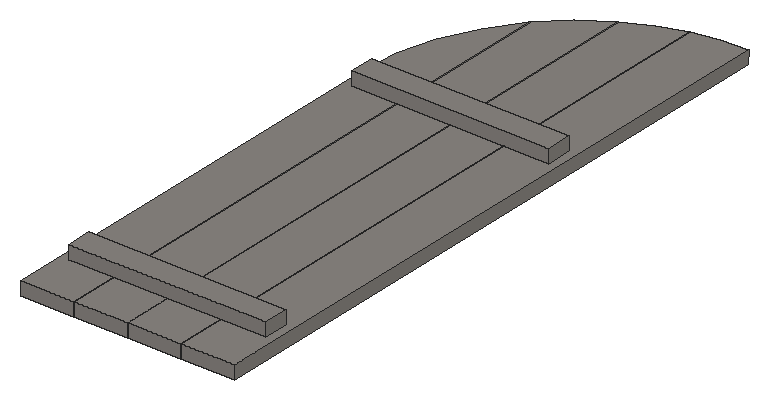
Revit family "Shutter-Wood-Fypon-Board_Batten-Quarter_Round", category Specialty Equipment, host Face, Revit 2026
Family settings
  Host = Face
  Round Connector Dimension = Use Diameter
  Part Type = Normal
  Classification Number = 23.30.60.11.14
  Enable Cutting in Views = No
  Cut with Voids When Loaded = No
  Maintain Annotation Orientation = No
  Shared = No
  Room Calculation Point = No
Parameters (values of type "default load type catalog")
  Width = 2' - 0"
  URL = "http://www.fypon.com/default.asp"
  Type Comments = "default load type catalog"
  Top Batten Offset = Width  # 2' - 0"
  Specification = "http://www.fypon.com/csi-specification.aspx"
  Product Page URL = "http://www.fypon.com/products/shutters.asp"
  Product Name = "Board and Batten Shutter"  # constant formula
  Product Documentation Link = "http://www.fypon.com/docs/17_TimberStoneCatalog.pdf"
  Model = "default loat type catalog"
  Manufacturer = "Fypon"  # constant formula
  Height = 6' - 0"
  Finish = Wood-Fypon-Rough_Sawn
  Bottom Batten Offset = if(Height < 3' 0", 0' 3 77/128", 0' 5 77/128")  # 0' - 5 77/128"
  Description = "Rough Sawn Quarter Round Cedar Shutters"  # constant formula
  Default Elevation = 4' - 0"
  Board Width = if([2 Board], Width / 2, if([3 Board], Width / 3, Width / 4))  # 0' - 6"
  Board Depth = 0' - 1 1/2"  # constant formula
  Assembly Code = "B20"
  4 Board = or(Width = 2' 0", Width > 2' 0")  # yes
  3rd Board = or([3 Board], [4 Board])  # yes
  3 Board = or(Width = 1' 2", and(Width < 2' 0", Width > 1' 2"))  # no
  2 Board = Width < 1' 2"  # no
  2 Batten = 1 = 1  # yes
Reference planes (in)
  plane 1 "Center (Front/Back)": y = 0
  plane 2: z = 0
  plane 3 "Center (Left/Right)": x = 0
  plane 4 "Left": x = -12
  plane 5 "Right": x = 12
  plane 6 "Top": y = 36
  plane 7 "Bottom": y = -36
  plane 8: z = 1.5
  plane 9 "Front": z = 3
  plane 10: x = -6
  plane 11: x = 0
  plane 12: x = 6
  plane 13: x = 12
  plane 14 "Top Batten": y = 12
  plane 15 "Bottom Batten": y = -30.39844
  plane 16 "Cut Reference": y = 12
Forms (in)
  Extrusion 1, solid, material "Wood-Fypon-Rough_Sawn" <- "Finish", detail levels medium+fine
    sketch origin (0, 0, 0) x (1, 0, 0) y (0, 1, 0)
      loop
        line (-12, -36) -> (-6, -36) -> (-6, 36) -> (-12, 36) -> (-12, -36)
    from 0 to 1.5
  Extrusion 2, solid, material "Wood-Fypon-Rough_Sawn" <- "Finish", detail levels medium+fine
    sketch origin (0, 0, 0) x (1, 0, 0) y (0, 1, 0)
      loop
        line (-6, -36) -> (0, -36) -> (0, 36) -> (-6, 36) -> (-6, -36)
    from 0 to 1.5
  Extrusion 3, solid, material "Wood-Fypon-Rough_Sawn" <- "Finish", visible <- "3rd Board", detail levels medium+fine
    sketch origin (0, 0, 0) x (1, 0, 0) y (0, 1, 0)
      loop
        line (0, -36) -> (6, -36) -> (6, 36) -> (0, 36) -> (0, -36)
    from 0 to 1.5
  Extrusion 4, solid, material "Wood-Fypon-Rough_Sawn" <- "Finish", visible <- "4 Board", detail levels medium+fine
    sketch origin (0, 0, 0) x (1, 0, 0) y (0, 1, 0)
      loop
        line (6, -36) -> (12, -36) -> (12, 36) -> (6, 36) -> (6, -36)
    from 0 to 1.5
  Extrusion 5, solid, material "Wood-Fypon-Rough_Sawn" <- "Finish", detail levels medium+fine
    sketch origin (0, 0, 0) x (1, 0, 0) y (0, 1, 0)
      loop
        line (-11.04, 9.2) -> (11.04, 9.2) -> (11.04, 12) -> (-11.04, 12) -> (-11.04, 9.2)
      loop
        line (-11.04, -27.59844) -> (-11.04, -30.39844) -> (11.04, -30.39844) -> (11.04, -27.59844) -> (-11.04, -27.59844)
    from 1.5 to 3
  Extrusion 6, solid, material "Wood-Fypon-Rough_Sawn" <- "Finish", detail levels coarse
    sketch origin (0, 0, 0) x (1, 0, 0) y (0, 1, 0)
      loop
        line (-12, -36) -> (12, -36) -> (12, 36) -> (-12, 36) -> (-12, -36)
    from 0 to 1.5
  Extrusion 7, void
    sketch origin (0, 0, 0) x (1, 0, 0) y (0, 1, 0)
      loop
        arc (-12, 12) -> (-4.97056, 28.97056) -> (12, 36) r 24
        line (12, 36) -> (12, 41) -> (-17, 41) -> (-17, 12) -> (-12, 12)
    from 0 to 12
Cuts and joins
  Extrusion 7 cuts Extrusion 1
  Extrusion 7 cuts Extrusion 2
  Extrusion 7 cuts Extrusion 3
  Extrusion 7 cuts Extrusion 4
  Extrusion 7 cuts Extrusion 6
Dimensions and locks (in)
  equal spacing: plane 6 "Top", plane 1 "Center (Front/Back)", plane 7 "Bottom"
  "Height": plane 6 "Top" to plane 7 "Bottom"
  equal spacing: plane 4 "Left", plane 3 "Center (Left/Right)", plane 5 "Right"
  "Width": plane 4 "Left" to plane 5 "Right"
  "Board Depth": plane 8 to level
  "Board Width": plane 4 "Left" to plane 10
  "Board Width": plane 10 to plane 11
  "Board Width": plane 11 to plane 12
  "Board Width": plane 12 to plane 13
  locked: plane 14 "Top Batten" to Extrusion 5 sketch curve at 2.8
  plane 4 "Left" to Extrusion 5 sketch curve to Extrusion 5 sketch curve = 0' - 0.96" locked, 0' - 0" locked
  Extrusion 5 sketch curve to Extrusion 5 sketch curve to plane 5 "Right" = 0' - 0" locked, 0' - 0.96" locked
  "Top Batten Offset": plane 6 "Top" to plane 14 "Top Batten"
  "Bottom Batten Offset": plane 15 "Bottom Batten" to plane 7 "Bottom"
  locked: Extrusion 5 sketch curve to plane 15 "Bottom Batten" at 2.8
  "Board Depth": plane 9 "Front" to plane 8
  "Width": plane 6 "Top" to plane 16 "Cut Reference"
  locked: Extrusion 7 sketch curve to plane 6 "Top" at 5
  locked: Extrusion 7 sketch curve to plane 4 "Left" at 5
  aligned and locked: plane 2 to host face
  aligned and locked: level to host face
  aligned and locked: Extrusion 1 sketch curve to plane 7 "Bottom"
  aligned and locked: plane 4 "Left" to Extrusion 1 sketch curve
  aligned and locked: plane 6 "Top" to Extrusion 1 sketch curve
  aligned and locked: Extrusion 1 sketch curve to plane 10
  aligned and locked: Extrusion 1 to level
  aligned and locked: plane 8 to Extrusion 1
  aligned and locked: plane 10 to Extrusion 2 sketch curve
  aligned and locked: plane 6 "Top" to Extrusion 2 sketch curve
  aligned and locked: Extrusion 2 sketch curve to plane 11
  aligned and locked: Extrusion 2 sketch curve to plane 7 "Bottom"
  aligned and locked: Extrusion 2 to level
  aligned and locked: plane 8 to Extrusion 2
  aligned and locked: plane 11 to Extrusion 3 sketch curve
  aligned and locked: plane 6 "Top" to Extrusion 3 sketch curve
  aligned and locked: Extrusion 3 sketch curve to plane 12
  aligned and locked: Extrusion 3 sketch curve to plane 7 "Bottom"
  aligned and locked: Extrusion 3 to level
  aligned and locked: plane 8 to Extrusion 3
  aligned and locked: plane 12 to Extrusion 4 sketch curve
  aligned and locked: plane 6 "Top" to Extrusion 4 sketch curve
  aligned and locked: Extrusion 4 sketch curve to plane 13
  aligned and locked: Extrusion 4 sketch curve to plane 7 "Bottom"
  aligned and locked: Extrusion 4 to level
  aligned and locked: plane 8 to Extrusion 4
  aligned and locked: plane 14 "Top Batten" to Extrusion 5 sketch curve
  aligned and locked: Extrusion 5 to plane 8
  aligned and locked: plane 9 "Front" to Extrusion 5
  aligned and locked: plane 15 "Bottom Batten" to Extrusion 5 sketch curve
  aligned and locked: plane 4 "Left" to Extrusion 6 sketch curve
  aligned and locked: Extrusion 6 sketch curve to plane 5 "Right"
  aligned and locked: plane 6 "Top" to Extrusion 6 sketch curve
  aligned and locked: Extrusion 6 sketch curve to plane 7 "Bottom"
  aligned and locked: Extrusion 6 to level
  aligned and locked: plane 8 to Extrusion 6
  aligned and locked: Extrusion 7 sketch curve to plane 16 "Cut Reference"
  aligned and locked: Extrusion 7 sketch curve to plane 5 "Right"
Automatic sketch dimensions
  host sketch curve to host sketch curve = 8' - 0"  (x2)
  Extrusion 7 sketch curve to plane 4 "Left" = 0' - 0"
